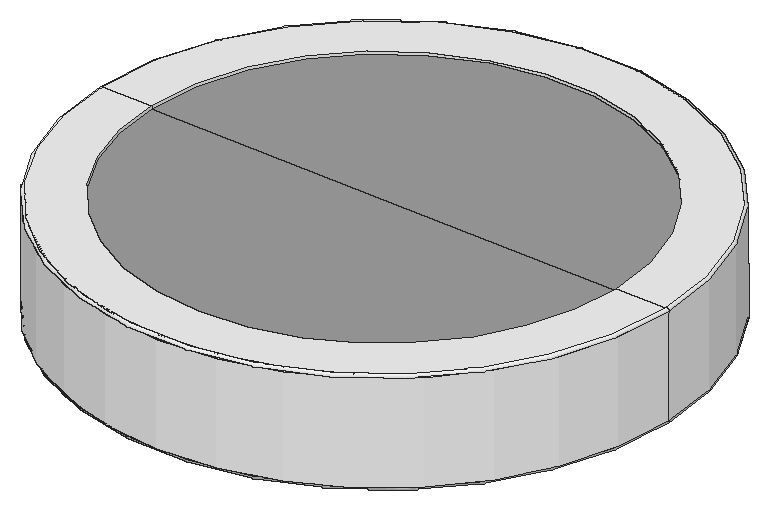
Revit family "0053299 Feilo Sylvania Lighting Fixture SYLFLAT SURFACE 1400 R 3000K", category Lighting Fixtures, host Face, Revit 2016
Family settings
  Host = Face
  Part Type = Normal
  Round Connector Dimension = Use Diameter
  OmniClass Number = 23.80.70.00
  OmniClass Title = Lighting
  Cut with Voids When Loaded = No
  Light Source = Yes
  Shared = No
  Room Calculation Point = No
Parameters (values of type "0053299 SYLFLAT SURFACE 1400 R 3000K")
  Weight = "5.424 kg"
  Wattage Comments = ""
  Wattage = 18 W
  WarrantyStartDate [instance] = "n/a"
  WarrantyGuarantorParts = "n/a"
  WarrantyDurationUnit = "n/a"
  WarrantyDurationParts = "n/a"
  WarrantyDescription = "n/a"
  built-in parameter 1150110 = 1 (stored number, unit not read)
  Voltage = 230 V
  URL = "http://www.feilosylvania.com"
  TypeName = "SYLFLAT SURFACE 1400 R 3000K"
  Type Image = <None>
  Type Comments = "n/a"
  built-in parameter 1114217 = 1 (stored number, unit not read)
  Tilt Angle = -90.00°
  built-in parameter 1150109 = 1 (stored number, unit not read)
  built-in parameter 1150134 = (empty or 0)
  built-in parameter 1150113 = 1 (stored number, unit not read)
  Square_FEILO = no
  SerialNumber [instance] = "n/a"
  Photometric Web File = "0053299.ies"
  Material_3_FEILO = none
  PowerFactor = 0.9
  PowerConsumption = "18 W"
  NominalLength = 0 mm
  NominalHeight = 40 mm
  NominalDepth = 0 mm
  Name = "SYLFLAT SURFACE 1400 R 3000K"
  ModelReference = Name  # "SYLFLAT SURFACE 1400 R 3000K"
  ModelNumber = "0053299"
  Model = Name  # "SYLFLAT SURFACE 1400 R 3000K"
  Material = "plastic housing, polycarbonate diffuser"
  ManufacturerName = "Feilo Sylvania"
  Manufacturer = "Feilo Sylvania"
  LuminousEfficacy = "72 lm/W"
  built-in parameter 1150105 = 103.13 (stored number, unit not read)
  Lumens = 1296 lm
  LuminaireType = ""
  built-in parameter 1150115 = 1 (stored number, unit not read)
  LightOutputRatio = "100"
  built-in parameter 1150137 = (empty or 0)
  built-in parameter 1150139 = (empty or 0)
  LampsType = Lamp  # "LED"
  LampNominalLuminous = "1300 lm"
  LampMacAdamStep = "n/a"
  LampColourTemperature = "3000 K"
  LampColourRenderingIndex = "0"
  built-in parameter 1150112 = 1 (stored number, unit not read)
  built-in parameter 1150114 = 1 (stored number, unit not read)
  Lamp = "LED"
  Keynote = "16500"
  InstallationDate [instance] = "n/a"
  InputVoltage = "220-240V~"
  InputNominalFrequency = "n/a"
  built-in parameter 1150132 = (empty or 0)
  built-in parameter 1150102 = (empty or 0)
  built-in parameter 1150107 = 3000 (stored number, unit not read)
  built-in parameter 1150138 = (empty or 0)
  IngressProtection = "IP20"
  ImpactProtectionIndex = "IK06"
  built-in parameter 1150106 = 1.0313 (stored number, unit not read)
  IfcExportType = "IfcLightFixtureType"
  IfcExportAs = "IfcLightFixtureType"
  Height_FEILO = 40 mm
  ExpectedLife = 50000
  Emit from Circle Diameter = Diameter_FEILO - 40 mm  # 180 mm
  Emit Shape Visible in Rendering = no
  ElectricShockClassification = "Class II"
  built-in parameter 1150104 = 6.689 (stored number, unit not read)
  DurationUnit = "hours"
  DocumentationLiterature = "http://www.feilosylvania.com/product/en-int/products/0053299"
  DimmingControlOptions = "Non dimmable"
  Material_2_FEILO = Diffuser-Sylvania-SylFlat-Opaque
  Dimming Lamp Color Temperature Shift = <None>
  Diameter_FEILO = 220 mm
  Description = "Integrated round surface mounted 220mm diameter LED downlight providing uniform distribution with an opal diffuser, 110° beam angle, 1300LM, 18W, 72lm/W, 3000K, CRI80, non-dimmable, IP20, IK06, 25,000hrs (L70)"
  Default Elevation = 1219.2 mm
  CreatedOn = "1/26/2018"
  CreatedBy = "aron.fodor@feilosylvania.com"
  Cost = 0
  Color Filter = 16777215
  built-in parameter 1114216 [instance] = (empty or 0)
  ClassificationValue = "EF_70_80"
  ClassificationName = "Uniclass2015"
  Material_1_FEILO = Body-Sylvania-SylFlat-White
  Circle_FEILO = yes
  BarCode [instance] = "n/a"
  built-in parameter 1114218 = 1 (stored number, unit not read)
  built-in parameter 1150133 = 10 (stored number, unit not read)
  AssetType = "Fixed"
  AssetIdentifier [instance] = "n/a"
  Assembly Code = "D5020200"
  Apparent Load = 18 VA
  Material_4_FEILO = none
Reference planes
  plane 1 "Center (Front/Back)": y = 0
  plane 2: z = 0
  plane 3 "Center (Left/Right)": x = 0
  plane 4: x = 110
  plane 5: x = -110
  plane 6: z = 40
  plane 7: x = -90
  plane 8: x = 90
  plane 9: z = 39
  plane 10: y = 110
  plane 11: y = -110
  plane 12: y = 90
  plane 13: y = -90
Forms (mm)
  Revolve 1, solid, material "Body-Sylvania-SylFlat-White" <- "Material_1_FEILO", visible <- "Circle_FEILO"
    sketch origin (0, 0, 0) x (1, 0, 0) y (0, 0, 1)
      loop
        line (0, 39) -> (-90, 39) -> (-90, 40) -> (-109, 40)
        arc (-109, 40) -> (-109.707, 39.707) -> (-110, 39) r 1
        line (-110, 39) -> (-110, 1)
        arc (-110, 1) -> (-109.707, 0.293) -> (-109, 0) r 1
        line (-109, 0) -> (0, 0) -> (0, 39)
      axis (0, 40) -> (0, 0)
    angle from 360 to 0
  Extrusion 2, solid, material "Body-Sylvania-SylFlat-White" <- "Material_1_FEILO", visible <- "Square_FEILO"
    sketch origin (0, 0, 0) x (1, 0, 0) y (0, 1, 0)
      loop
        arc (-105, 110) -> (-108.536, 108.536) -> (-110, 105) r 5
        line (-110, 105) -> (-110, -105)
        arc (-110, -105) -> (-108.536, -108.536) -> (-105, -110) r 5
        line (-105, -110) -> (105, -110)
        arc (105, -110) -> (108.536, -108.536) -> (110, -105) r 5
        line (110, -105) -> (110, 105)
        arc (110, 105) -> (108.536, 108.536) -> (105, 110) r 5
        line (105, 110) -> (-105, 110)
    from 0 to 40
  Extrusion 3, void
    sketch origin (1223.4, -4572, 40) x (-1, 0, 0) y (0, -1, 0)
      loop
        arc (1308.4, -4662) -> (1311.936, -4660.536) -> (1313.4, -4657) r 5
        line (1313.4, -4657) -> (1313.4, -4487)
        arc (1313.4, -4487) -> (1311.936, -4483.464) -> (1308.4, -4482) r 5
        line (1308.4, -4482) -> (1138.4, -4482)
        arc (1138.4, -4482) -> (1134.864, -4483.464) -> (1133.4, -4487) r 5
        line (1133.4, -4487) -> (1133.4, -4657)
        arc (1133.4, -4657) -> (1134.864, -4660.536) -> (1138.4, -4662) r 5
        line (1138.4, -4662) -> (1308.4, -4662)
    from 0 to -1
Cuts and joins
  Extrusion 3 cuts Extrusion 2
Dimensions and locks
  equal spacing: plane 4, plane 3 "Center (Left/Right)", plane 5
  "Diameter_FEILO": plane 4 to plane 5
  "Height_FEILO": plane 6 to plane 2
  equal spacing: plane 8, plane 3 "Center (Left/Right)", plane 7
  locked: plane 7 to plane 5 at 20
  locked: plane 6 to plane 9 at 1
  equal spacing: plane 11, plane 1 "Center (Front/Back)", plane 10
  equal spacing: plane 13, plane 1 "Center (Front/Back)", plane 12
  "Diameter_FEILO": plane 11 to plane 10
  locked: plane 12 to plane 10 at 20
  aligned and locked: plane 2 to host face
  aligned and locked: level to host face
  aligned and locked: Revolve 1 sketch curve to plane 3 "Center (Left/Right)"
  aligned and locked: plane 3 "Center (Left/Right)" to Revolve 1 sketch curve  (x2)
  aligned and locked: Revolve 1 sketch curve to plane 9
  aligned and locked: plane 7 to Revolve 1 sketch curve
  aligned and locked: Revolve 1 sketch curve to plane 6
  aligned and locked: Revolve 1 sketch curve to plane 5
  aligned and locked: Revolve 1 sketch curve to level
  aligned and locked: plane 10 to Extrusion 2 sketch curve
  aligned and locked: plane 5 to Extrusion 2 sketch curve
  aligned and locked: Extrusion 2 sketch curve to plane 11
  aligned and locked: Extrusion 2 sketch curve to plane 4
  aligned and locked: plane 12 to Extrusion 3 sketch curve
  aligned and locked: plane 7 to Extrusion 3 sketch curve
  aligned and locked: Extrusion 3 sketch curve to plane 13
  aligned and locked: Extrusion 3 sketch curve to plane 8
  aligned and locked: Extrusion 2 to plane 6
  aligned and locked: plane 9 to Extrusion 3
  aligned and locked: Extrusion 3 to plane 6
  aligned and locked: Extrusion 2 to level
  aligned and locked: Extrusion 2 to Extrusion 3
  aligned and locked: plane 3 "Center (Left/Right)" to imposter light
  aligned and locked: imposter light to plane 1 "Center (Front/Back)"
  aligned and locked: imposter light to plane 9
Automatic sketch dimensions
  host sketch curve to host sketch curve = 2438.4 mm  (x2)
  plane 5 to Revolve 1 sketch curve = 1 mm
  Revolve 1 sketch curve to Revolve 1 sketch curve = 1 mm
  Revolve 1 sketch curve to level = 609.6 mm
  Revolve 1 sketch curve to plane 6 = 2569.058 mm
  plane 10 to Extrusion 2 sketch curve = 0 mm
  plane 5 to Extrusion 2 sketch curve = 5 mm
  Extrusion 2 sketch curve to plane 7 = 15 mm
  Extrusion 2 sketch curve to plane 4 = 5 mm  (x2)
  plane 12 to Extrusion 3 sketch curve = 5 mm
  Extrusion 3 sketch curve to Extrusion 3 sketch curve = 5 mm  (x2)
  Extrusion 3 sketch curve to plane 13 = 5 mm
Connectors
  electrical at (0, 0, 0), driven by "Apparent Load", driven by "PowerFactor", driven by "Voltage"
    settings: index 1, voltage 230 V, apparent load 18 VA, apparent load phase1 0 VA, apparent load phase2 0 VA, apparent load phase3 0 VA, power factor 0.9, load classification "Lighting", number of poles 1, system type 30, power factor state 1, is connector primary yes, connector utility no, sub classification motor no, connector description ""
